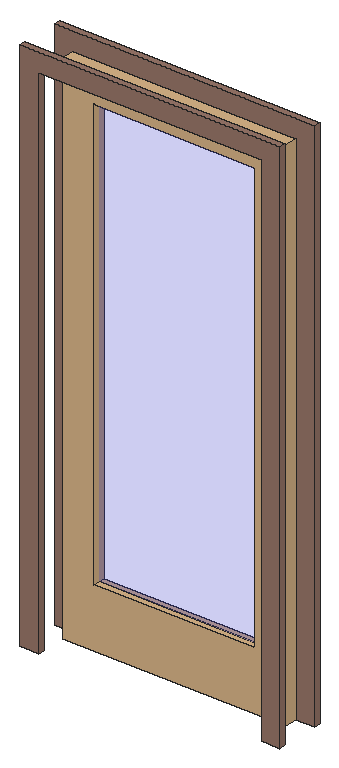
Revit family "0058_M_DR_W_single-glass 1", category 문, Revit 2026
Family settings
  호스트 = 벽
  항상 수직 = 예
  로드될 때 보이드를 사용하여 절단 = 아니오
  공유 = 아니오
  룸 계산 점 = 아니오
Parameters (values of type "36" x 84"")
  두께 = 0' - 2"
  조합 코드 = "C1020"
  기능 = 내부
  Door Material = Door - Panel
  Frame Material = Door - Frame
  Height = 7' - 0"
  Rail Width - Base = 0' - 9 1/2"
  Rail Width - Top = 0' - 5"
  Stile Width - Hinge = 0' - 5"
  Stile Width - Latch = 0' - 5"
  Trim Projection Ext = 0' - 1"
  Trim Projection Int = 0' - 1"
  Trim Width = 0' - 3"
  벽 마무리 = 호스트별
  Width = 3' - 0"
Types (8): name | 두께 | 조합 코드 | Height | Rail Width - Base | Rail Width - Top | Stile Width - Hinge | Stile Width - Latch | Trim Projection Ext | Trim Projection Int | Trim Width | Width
  36" x 84" | 0' - 2" | "C1020" | 7' - 0" | 0' - 9 1/2" | 0' - 5" | 0' - 5" | 0' - 5" | 0' - 1" | 0' - 1" | 0' - 3" | 3' - 0"
  34" x 84" | 0' - 2" | "C1020" | 7' - 0" | 0' - 9 1/2" | 0' - 5" | 0' - 5" | 0' - 5" | 0' - 1" | 0' - 1" | 0' - 3" | 2' - 10"
  32" x 84" | 0' - 2" | "C1020" | 7' - 0" | 0' - 9 1/2" | 0' - 5" | 0' - 5" | 0' - 5" | 0' - 1" | 0' - 1" | 0' - 3" | 2' - 8"
  30" x 84" | 0' - 2" | "C1020" | 7' - 0" | 0' - 9 1/2" | 0' - 5" | 0' - 5" | 0' - 5" | 0' - 1" | 0' - 1" | 0' - 3" | 2' - 6"
  30" x 80" | 0' - 2" | "C1020" | 6' - 8" | 0' - 9 1/2" | 0' - 5" | 0' - 5" | 0' - 5" | 0' - 1" | 0' - 1" | 0' - 3" | 2' - 6"
  36" x 80" | 0' - 2" | "C1020" | 6' - 8" | 0' - 9 1/2" | 0' - 5" | 0' - 5" | 0' - 5" | 0' - 1" | 0' - 1" | 0' - 3" | 3' - 0"
  34" x 80" | 0' - 2" | "C1020" | 6' - 8" | 0' - 9 1/2" | 0' - 5" | 0' - 5" | 0' - 5" | 0' - 1" | 0' - 1" | 0' - 3" | 2' - 10"
  0915 x 2134mm | 0' - 1.9685" | 0' - 0" | 7' - 0.01575" | 0' - 9.44882" | 0' - 4.92126" | 0' - 4.92126" | 0' - 4.92126" | 0' - 0.98425" | 0' - 0.98425" | 0' - 2.95276" | 3' - 0.02362"
Reference planes (in)
  plane 1: y = 0
  plane 2: z = 0
  plane 3: x = 0
  plane 4: x = -18
  plane 5: x = 18
  plane 6: z = 84
  plane 7: y = 2.125
Forms (in)
  Extrusion 1, solid, material "Door - Panel" <- "Door Material"
    sketch origin (0, 0, 0) x (1, 0, 0) y (0, 0, 1)
      loop
        line (-18, 84) -> (-18, 0) -> (18, 0) -> (18, 84) -> (-18, 84)
      loop
        line (13, 79) -> (-13, 79) -> (-13, 9.5) -> (13, 9.5) -> (13, 79)
    from -3 to -1
  Extrusion 2, solid, material "Glass"
    sketch origin (0, 0, 0) x (1, 0, 0) y (0, 0, 1)
      loop
        line (13, 79) -> (-13, 79) -> (-13, 9.5) -> (13, 9.5) -> (13, 79)
    from -1.875 to -2.125
  Extrusion 3, solid, material "Door - Frame" <- "Frame Material"
    sketch origin (-84.47493, 3, 0) x (-1, 0, 0) y (0, 0, 1)
      loop
        line (-102.47493, 0) -> (-102.47493, 84) -> (-66.47493, 84) -> (-66.47493, 0) -> (-63.47493, 0) -> (-63.47493, 87) -> (-105.47493, 87) -> (-105.47493, 0) -> (-102.47493, 0)
    from 0 to 1
  Extrusion 4, solid, material "Door - Frame" <- "Frame Material"
    sketch origin (-84.47493, -3, 0) x (1, 0, 0) y (0, 0, 1)
      loop
        line (102.47493, 0) -> (105.47493, 0) -> (105.47493, 87) -> (63.47493, 87) -> (63.47493, 0) -> (66.47493, 0) -> (66.47493, 84) -> (102.47493, 84) -> (102.47493, 0)
    from 0 to 1
Lines and regions (in)
  Opening 1
    outline origin (-60, -3, 144) x (0, 0, -1) y (1, 0, 0)
      loop
        line (60, 42) -> (144, 42) -> (144, 78) -> (60, 78) -> (60, 42)
  symbolic lines, style "DoorsPanelProjection"
    curve 1: line (18, 3, 0) -> (16, 3, 0)
    curve 2: line (18, 3, 0) -> (18, 8, 0)
    curve 3: line (18, 39, 0) -> (16, 39, 0)
    curve 4: line (16, 3, 0) -> (16, 8, 0)
    curve 10: line (16, 34, 0) -> (18, 34, 0)
    curve 11: line (16, 8, 0) -> (18, 8, 0)
    curve 13: line (16, 34, 0) -> (16, 39, 0)
    curve 14: line (18, 34, 0) -> (18, 39, 0)
    curve 15: line (16, 8, 0) -> (16, 34, 0)
    curve 16: line (18, 8, 0) -> (18, 34, 0)
  symbolic lines, style "Plan Swing"
    curve 5: arc (18, 39, 0) -> (-7.45584, 28.45584, 0) -> (-18, 3, 0) r 36
  symbolic lines, style "DoorsGlassProjection"
    curve 6: line (13, 0, 79) -> (13, 0, 9.5)
    curve 7: line (13, 0, 79) -> (-13, 0, 79)
    curve 8: line (-13, 0, 79) -> (-13, 0, 9.5)
    curve 9: line (13, 0, 9.5) -> (-13, 0, 9.5)
    curve 12: line (17, 34, 0) -> (17, 8, 0)
  symbolic lines, style "Elevation Swing"
    curve 17: line (-18, 0, 0) -> (18, 0, 42)
    curve 18: line (18, 3, 42) -> (-18, 3, 84)
Dimensions and locks (in)
  equal spacing: plane 4, plane 3, plane 5
  "Width": plane 4 to plane 5
  host wall to curve 1 = 0' - 0"
  control icon elem to host wall = 1' - 6"
  control icon elem to plane 5 = 1' - 0"
  "Height": plane 6 to plane 2
  "Stile Width - Latch": plane 4 to curve 8
  "Stile Width - Hinge": curve 6 to plane 5
  "Rail Width - Top": plane 6 to curve 7
  "Rail Width - Base": curve 9 to plane 2
  "Stile Width - Latch": curve 10 to curve 3
  "Stile Width - Hinge": curve 1 to curve 11
  equal spacing: plane 2, curve 17, plane 6
  "Width": curve 3 to host wall
  "Trim Width": Extrusion 3 sketch curve to Extrusion 1  (x3)
  "Trim Width": plane 4 to Extrusion 4 sketch curve
  "Trim Width": plane 5 to Extrusion 4 sketch curve
  "Trim Width": plane 6 to Extrusion 4 sketch curve
  "Trim Projection Int": Extrusion 4 to Extrusion 4
  locked: host wall to Extrusion 3
  locked: host wall to Extrusion 1
  "두께": curve 15 to plane 5
  equal spacing: curve 15, curve 12, plane 5
  "두께": Extrusion 1 to host wall
  "Trim Projection Ext": Extrusion 3 to host wall
  locked: host wall to plane 7 at 0.875
  locked: Extrusion 2 to Extrusion 2 at 0.25
  aligned and locked: curve 7 to Extrusion 1 sketch curve
  aligned and locked: curve 6 to Extrusion 1 sketch curve
  aligned and locked: Extrusion 1 sketch curve to curve 7
  aligned and locked: Extrusion 1 sketch curve to curve 6
  aligned and locked: curve 7 to Extrusion 2 sketch curve
  aligned and locked: curve 6 to Extrusion 2 sketch curve
  aligned and locked: Extrusion 2 sketch curve to curve 7
  aligned and locked: Extrusion 2 sketch curve to curve 6
  aligned and locked: host wall to Extrusion 1  (x3)
  aligned and locked: Extrusion 3 sketch curve to curve 1
  aligned and locked: plane 6 to Extrusion 3 sketch curve
  aligned and locked: Extrusion 3 sketch curve to plane 2
  aligned and locked: plane 2 to Extrusion 3 sketch curve
  aligned and locked: plane 5 to Extrusion 3 sketch curve
  aligned and locked: Extrusion 3 to host wall  (x3)
  aligned and locked: Extrusion 4 sketch curve to curve 1
  aligned and locked: plane 6 to Extrusion 4 sketch curve
  aligned and locked: plane 2 to Extrusion 4 sketch curve  (x2)
  aligned and locked: level to Extrusion 4 sketch curve
  aligned and locked: Extrusion 4 to host wall
  aligned and locked: curve 4 to curve 13
  aligned and locked: plane 5 to curve 16
  aligned and locked: curve 2 to plane 5
  aligned and locked: Extrusion 3 sketch curve to Extrusion 1
  aligned and locked: Extrusion 4 sketch curve to Extrusion 1
  aligned and locked: Extrusion 1 to Extrusion 4 sketch curve
  aligned and locked: Extrusion 2 to plane 7
Automatic sketch dimensions
  Opening 1 sketch curve to plane 6 = 0' - 0"
  Opening 1 sketch curve to level = 0' - 0"
  Opening 1 sketch curve to plane 4 = 0' - 0"
  Opening 1 sketch curve to plane 5 = 0' - 0"
  Extrusion 1 sketch curve to plane 4 = 0' - 0"
  Extrusion 1 sketch curve to plane 5 = 0' - 0"
  Extrusion 1 sketch curve to level = 0' - 0"
  Extrusion 1 sketch curve to plane 6 = 0' - 0"
  curve 18 to plane 4 = 0' - 0"
  curve 18 to plane 6 = 0' - 0"
  curve 18 to plane 5 = 0' - 0"
  curve 17 to level = 0' - 0"
  curve 17 to plane 4 = 0' - 0"
  Extrusion 4 sketch curve to plane 5 = 0' - 0"
  curve 5 to plane 4 = 0' - 0"
  curve 17 to plane 5 = 0' - 0"
  curve 18 to curve 17 = 0' - 0"
